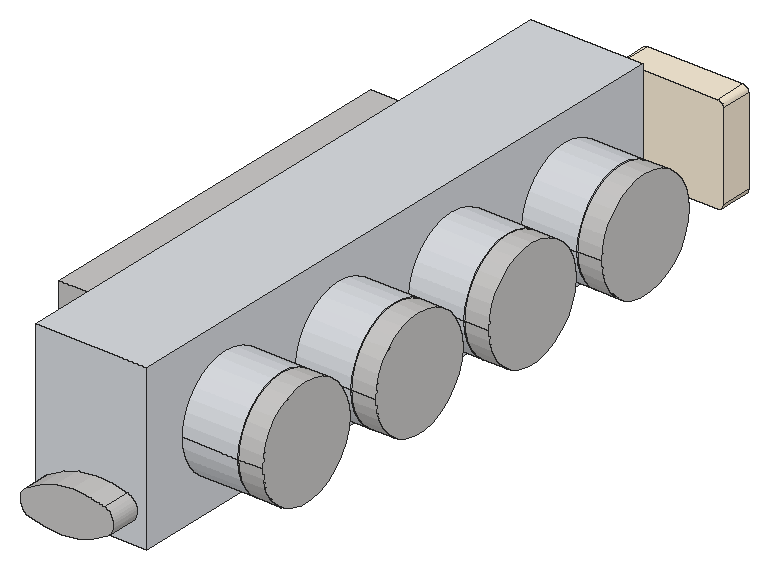
Revit family "HVAC_Ductwork_Airzone_Motorized-Plenum_Kaysun_Standard_4-Dampers", category Mechanical Equipment, Revit 2016
Family settings
  Part Type = Normal
  Round Connector Dimension = Use Diameter
  OmniClass Number = 23.75.70.14
  OmniClass Title = Air Ductwork
  Work Plane-Based = No
  Always vertical = Yes
  Cut with Voids When Loaded = No
  Shared = No
  Room Calculation Point = No
Parameters (values of type "KAYST01M4")
  Voltage = 230 V
  URL = "www.airzone.es"
  Type Image Comments = "Image available in product documentation download"  # constant formula
  Revit Model Version = "1.0"  # constant formula
  Revit Model Author URL = "www.a3d.es"
  Revit Model Author = "A3D Consulting"  # constant formula
  Product Documentation Download URL = "http://doc.airzone.es/BIM/Easyzone/Kaysun-Airzone_motorized_plenum.zip"
  Product Comments = "Refer to technical documentation for further details"  # constant formula
  Power Factor = 1
  Neck Width = 716.600 mm
  Neck Length = 95.000 mm
  Neck Height = 182.600 mm
  Material = Metal - AIRZONE - Galvanized Sheet - Semi-polished
  Main Control Board Material = Plastic - AIRZONE - Smooth - Off-white
  Load Classification = Other
  Insulated Body Width = 205.000 mm  # constant formula
  Insulated Body Material = Metal -AIRZONE - Insulating Lining -Aluminum Finish
  Insulated Body Length = 1140.000 mm  # constant formula
  Insulated Body Height = 300.000 mm  # constant formula
  Flow [instance] = Damper 4 Air Flow + Damper 3 Air Flow + Damper 2 Air Flow + Damper 1 Air Flow - Fresh Air Inlet 2 Flow - Fresh Air Inlet 1 Flow  # 1200 m³/h
  Fresh Air Inlet 1 Flow [instance] = 0 m³/h
  Fresh Air Inlet 2 Flow [instance] = 0 m³/h
  Fresh Air Inlet Connection Width = 175.000 mm
  Fresh Air Inlet Connection Height = 75.000 mm
  Model = "KAYST01M4"
  Neck Side Offset = 250.200 mm
  Neck Bottom Offset = 79.200 mm
  Type Image = <None>
  Manufacturer = "AIRZONE"  # constant formula
  Main Control Board Depth = 57.000 mm  # constant formula
  Main Control Board Width = 195.000 mm  # constant formula
  Main Control Board Height = 180.000 mm  # constant formula
  Fixing = ""
  Disclaimer = "All information provided in this model is reviewed before being published. However, Airzone cannot guarantee this model is error-free, therefore users are strongly encouraged to check for technical documentation and updates"  # constant formula
  Description = "Airzone standard motorized plenum with neck that mechanically adapts to the main ducted AC units of Kaysun."
  Type Comments = ""
  Dampers Length = 149.000 mm  # constant formula
  Dampers Diameter = 200.000 mm  # constant formula
  Damper 4 Air Flow [instance] = 300 m³/h
  Damper 1 Air Flow [instance] = 300 m³/h
  Damper 2 Air Flow [instance] = 300 m³/h
  Damper 3 Air Flow [instance] = 300 m³/h
  Fresh Air Inlet Connection Offset Height = 48.305 mm  # constant formula
  Compatible Accesories = ""
  Apparent Load = 57.5 VA
Reference planes
  plane 1 "Center (Front/Back)": y = 0
  plane 2 "Center (Elevation)": z = 0
  plane 3 "Center (Left/Right)": x = 0
  plane 4 "Neck Back": y = 358.3
  plane 5 "Neck Front": y = -358.3
  plane 6 "Neck Top": z = 91.3
  plane 7 "Neck Bottom": z = -91.3
  plane 8 "Left": x = 95
  plane 9 "Bottom": z = -170.5
  plane 10 "Top": z = 129.5
  plane 11 "Front": y = -531.5
  plane 12 "Back": y = 608.5
  plane 13 "Right": x = 300
  plane 14 "Dampers Front": x = 449
  plane 15 "Dampers Center (Elevation)": z = -20.5
  plane 16 "Damper3": y = -91.5
  plane 17 "Damper2": y = 168.5
  plane 18 "Damper1": y = 428.5
  plane 19 "Middle": y = 38.5
  plane 20 "FreshAir Center (Elevation)": z = -122.195
  plane 21 "FreshAir1": y = 661
  plane 22 "FreshAir2": y = -584
  plane 23 "Dampers Lining": x = 404
  plane 24 "FreshAir Vertical Axis": x = 195.83
  plane 25 "ConnectionBox Side": x = 254
  plane 26 "Main Control Board Center (Left/Right)": x = 351.5
  plane 27 "Damper4": y = -351.5
Forms (mm)
  Extrusion 1, solid, material "Metal - AIRZONE - Galvanized Sheet - Semi-polished" <- "Material"
    sketch origin (0, 0, 0) x (0, 1, 0) y (0, 0, 1)
      loop
        line (-358.3, 91.3) -> (-358.3, -91.3) -> (358.3, -91.3) -> (358.3, 91.3) -> (-358.3, 91.3)
    from 0 to 95
  Extrusion 2, solid, material "Metal -AIRZONE - Insulating Lining -Aluminum Finish" <- "Insulated Body Material"
    sketch origin (95, 0, 0) x (0, 1, 0) y (0, 0, 1)
      loop
        line (-531.5, 129.5) -> (-531.5, -170.5) -> (608.5, -170.5) -> (608.5, 129.5) -> (-531.5, 129.5)
    from 0 to 205
  Extrusion 3, solid, material "Metal - AIRZONE - Galvanized Sheet - Semi-polished" <- "Material"
    sketch origin (300, 0, 0) x (0, 1, 0) y (0, 0, 1)
      loop
        circle (-91.5, -20.5) r 100
    from 104 to 149
  Extrusion 4, solid, material "Metal - AIRZONE - Galvanized Sheet - Semi-polished" <- "Material"
    sketch origin (300, 0, 0) x (0, 1, 0) y (0, 0, 1)
      loop
        circle (168.5, -20.5) r 100
    from 104 to 149
  Extrusion 5, solid, material "Metal - AIRZONE - Galvanized Sheet - Semi-polished" <- "Material"
    sketch origin (300, 0, 0) x (0, 1, 0) y (0, 0, 1)
      loop
        circle (428.5, -20.5) r 100
    from 104 to 149
  Extrusion 6, solid, material "Metal - AIRZONE - Galvanized Sheet - Semi-polished" <- "Material"
    sketch origin (0, -531.5, 0) x (0, 0, 1) y (1, 0, 0)
      loop
        arc (-89.641, 265.204) -> (-111.108, 282.105) -> (-135.812, 270.434) r 25.96
        arc (-135.812, 270.434) -> (-161.802, 200.598) -> (-154.349, 126.456) r 164.67
        arc (-154.349, 126.456) -> (-133.165, 109.589) -> (-108.494, 120.751) r 25.96
        arc (-108.494, 120.751) -> (-82.225, 190.78) -> (-89.641, 265.204) r 164.67
    from 0 to -52.5
  Extrusion 7, solid, material "Metal - AIRZONE - Galvanized Sheet - Semi-polished" <- "Material"
    sketch origin (0, 608.5, 0) x (0, 0, 1) y (1, 0, 0)
      loop
        arc (-89.641, 265.204) -> (-110.825, 282.071) -> (-135.496, 270.909) r 25.96
        arc (-135.496, 270.909) -> (-161.679, 201.53) -> (-154.767, 127.699) r 164.67
        arc (-154.767, 127.699) -> (-133.532, 109.637) -> (-108.178, 121.226) r 25.96
        arc (-108.178, 121.226) -> (-82.188, 191.062) -> (-89.641, 265.204) r 164.67
    from 0 to 52.5
  Extrusion 8, solid, material "Metal -AIRZONE - Insulating Lining -Aluminum Finish" <- "Insulated Body Material"
    sketch origin (300, 0, 0) x (0, 1, 0) y (0, 0, 1)
      loop
        circle (428.5, -20.5) r 100
    from 0 to 104
  Extrusion 9, solid, material "Metal -AIRZONE - Insulating Lining -Aluminum Finish" <- "Insulated Body Material"
    sketch origin (300, -260, 0) x (0, 1, 0) y (0, 0, 1)
      loop
        circle (428.5, -20.5) r 100
    from 0 to 104
  Extrusion 10, solid, material "Metal -AIRZONE - Insulating Lining -Aluminum Finish" <- "Insulated Body Material"
    sketch origin (300, -520, 0) x (0, 1, 0) y (0, 0, 1)
      loop
        circle (428.5, -20.5) r 100
    from 0 to 104
  Extrusion 11, solid, material "Metal - AIRZONE - Galvanized Sheet - Semi-polished" <- "Material"
    sketch origin (300, -190, 0) x (0, 1, 0) y (0, 0, 1)
      loop
        circle (-161.5, -20.5) r 100
    from 104 to 149
  Extrusion 12, solid, material "Metal -AIRZONE - Insulating Lining -Aluminum Finish" <- "Insulated Body Material"
    sketch origin (300, -710, 0) x (0, 1, 0) y (0, 0, 1)
      loop
        circle (358.5, -20.5) r 100
    from 0 to 104
Lines and regions (mm)
  Masking region 1
    outline origin (0, 0, 0) x (1, 0, 0) y (0, 1, 0)
      loop
        line (95, 608.5) -> (95, -531.5) -> (300, -531.5) -> (300, 608.5) -> (95, 608.5)
  Masking region 2, detail levels medium+fine
    outline origin (0, 0, 0) x (1, 0, 0) y (0, 1, 0)
      loop
        line (0, 358.3) -> (0, -358.3) -> (95, -358.3) -> (95, 358.3) -> (0, 358.3)
  Masking region 3, detail levels medium+fine
    outline origin (0, 0, 0) x (1, 0, 0) y (0, 1, 0)
      loop
        line (300, 8.5) -> (300, -191.5) -> (449, -191.5) -> (449, 8.5) -> (300, 8.5)
  Masking region 4, detail levels medium+fine
    outline origin (0, 260, 0) x (1, 0, 0) y (0, 1, 0)
      loop
        line (300, 8.5) -> (300, -191.5) -> (449, -191.5) -> (449, 8.5) -> (300, 8.5)
  Masking region 5, detail levels medium+fine
    outline origin (0, 520, 0) x (1, 0, 0) y (0, 1, 0)
      loop
        line (300, 8.5) -> (300, -191.5) -> (449, -191.5) -> (449, 8.5) -> (300, 8.5)
  Masking region 6, detail levels medium+fine
    outline origin (0, 0, -122.195) x (1, 0, 0) y (0, 1, 0)
      loop
        line (108.33, 661) -> (108.33, 608.5) -> (283.33, 608.5) -> (283.33, 661) -> (108.33, 661)
  Masking region 7, detail levels medium+fine
    outline origin (0, 0, -122.195) x (1, 0, 0) y (0, 1, 0)
      loop
        line (108.33, -531.5) -> (108.33, -584) -> (283.33, -584) -> (283.33, -531.5) -> (108.33, -531.5)
  Masking region 8, detail levels medium+fine
    outline origin (0, 0, 129.5) x (0, -1, 0) y (1, 0, 0)
      loop
        line (-665.5, 254) -> (-608.5, 254) -> (-608.5, 449) -> (-665.5, 449) -> (-665.5, 254)
  Masking region 9, detail levels medium+fine
    outline origin (0, -190, 0) x (1, 0, 0) y (0, 1, 0)
      loop
        line (300, -61.5) -> (300, -261.5) -> (449, -261.5) -> (449, -61.5) -> (300, -61.5)
  symbolic lines, detail levels coarse
    curve 1: line (95, -531.5, 0) -> (300, 38.5, 0)
    curve 2: line (300, 38.5, 0) -> (95, 608.5, 0)
Dimensions and locks
  equal spacing: plane 4 "Neck Back", plane 1 "Center (Front/Back)", plane 5 "Neck Front"
  "Neck Width": plane 4 "Neck Back" to plane 5 "Neck Front"
  equal spacing: plane 6 "Neck Top", level, plane 7 "Neck Bottom"
  "Neck Height": plane 6 "Neck Top" to plane 7 "Neck Bottom"
  "Neck Length": plane 3 "Center (Left/Right)" to plane 8 "Left"
  "Neck Bottom Offset": plane 7 "Neck Bottom" to plane 9 "Bottom"
  "Insulated Body Height": plane 10 "Top" to plane 9 "Bottom"
  "Insulated Body Length": plane 12 "Back" to plane 11 "Front"
  "Insulated Body Width": plane 8 "Left" to plane 13 "Right"
  "Dampers Length": plane 13 "Right" to plane 14 "Dampers Front"
  equal spacing: plane 10 "Top", plane 15 "Dampers Center (Elevation)", plane 9 "Bottom"
  equal spacing: plane 12 "Back", plane 19 "Middle", plane 11 "Front"
  plane 8 "Left" to plane 13 "Right" = 205.000 mm
  "Fresh Air Inlet Connection Offset Height": plane 20 "FreshAir Center (Elevation)" to plane 9 "Bottom"
  locked: Extrusion 6 sketch curve to plane 9 "Bottom" at 56.47
  locked: plane 13 "Right" to Extrusion 6 sketch curve at 43.69
  locked: plane 13 "Right" to Extrusion 6 sketch curve at 164.65
  locked: Extrusion 6 sketch curve to plane 9 "Bottom" at 40.54
  locked: plane 13 "Right" to Extrusion 6 sketch curve at 87.91
  locked: plane 9 "Bottom" to Extrusion 6 sketch curve at 75.01
  locked: plane 13 "Right" to Extrusion 6 sketch curve at 120.43
  locked: Extrusion 6 sketch curve to plane 9 "Bottom" at 172.02
  locked: plane 13 "Right" to Extrusion 7 sketch curve at 43.69
  locked: Extrusion 7 sketch curve to plane 9 "Bottom" at 56.47
  locked: Extrusion 7 sketch curve to plane 9 "Bottom" at 40.54
  locked: plane 13 "Right" to Extrusion 7 sketch curve at 164.65
  locked: plane 13 "Right" to Extrusion 7 sketch curve at 120.43
  locked: Extrusion 7 sketch curve to plane 9 "Bottom" at 172.02
  locked: plane 9 "Bottom" to Extrusion 7 sketch curve at 75.01
  locked: plane 13 "Right" to Extrusion 7 sketch curve at 87.91
  "Neck Side Offset": plane 12 "Back" to plane 4 "Neck Back"
  locked: plane 21 "FreshAir1" to plane 12 "Back" at 52.5
  plane 11 "Front" to plane 22 "FreshAir2" = 52.500 mm
  locked: connector elem to plane 13 "Right" at 104.17
  locked: plane 20 "FreshAir Center (Elevation)" to connector elem
  locked: plane 13 "Right" to connector elem at 104.17
  locked: connector elem to plane 20 "FreshAir Center (Elevation)"
  locked: plane 23 "Dampers Lining" to plane 14 "Dampers Front" at 45
  locked: plane 24 "FreshAir Vertical Axis" to plane 13 "Right" at 104.17
  equal spacing: Masking region 3 sketch curve, plane 16 "Damper3", Masking region 3 sketch curve
  "Dampers Diameter": Masking region 3 sketch curve to Masking region 3 sketch curve
  "Dampers Diameter": Masking region 4 sketch curve to Masking region 4 sketch curve
  equal spacing: Masking region 5 sketch curve, plane 18 "Damper1", Masking region 5 sketch curve
  "Dampers Diameter": Masking region 5 sketch curve to Masking region 5 sketch curve
  equal spacing: Masking region 6 sketch curve, plane 24 "FreshAir Vertical Axis", Masking region 6 sketch curve
  "Fresh Air Inlet Connection Width": Masking region 6 sketch curve to Masking region 6 sketch curve
  equal spacing: Masking region 7 sketch curve, plane 24 "FreshAir Vertical Axis", Masking region 7 sketch curve
  "Fresh Air Inlet Connection Width": Masking region 7 sketch curve to Masking region 7 sketch curve
  "Main Control Board Depth": Masking region 8 sketch curve to plane 12 "Back"
  "Main Control Board Width": plane 25 "ConnectionBox Side" to plane 14 "Dampers Front"
  equal spacing: plane 25 "ConnectionBox Side", plane 26 "Main Control Board Center (Left/Right)", plane 14 "Dampers Front"
  locked: nested 1 to plane 10 "Top" at 10
  equal spacing: Masking region 4 sketch curve, plane 17 "Damper2", Masking region 4 sketch curve
  equal spacing: Masking region 9 sketch curve, plane 27 "Damper4", Masking region 9 sketch curve
  "Dampers Diameter": Masking region 9 sketch curve to Masking region 9 sketch curve
  plane 18 "Damper1" to plane 17 "Damper2" to plane 16 "Damper3" to plane 27 "Damper4" = 260.000 mm locked, 260.000 mm locked, 260.000 mm locked
  locked: plane 17 "Damper2" to plane 19 "Middle" at 130
  "Dampers Diameter": diameter of Extrusion 3 sketch curve
  "Dampers Diameter": diameter of Extrusion 4 sketch curve
  "Dampers Diameter": diameter of Extrusion 5 sketch curve
  radius of Extrusion 7 sketch curve = 164.670 mm  (x2)
  radius of Extrusion 7 sketch curve = 25.960 mm  (x2)
  radius of Extrusion 6 sketch curve = 164.670 mm  (x2)
  radius of Extrusion 6 sketch curve = 25.960 mm  (x2)
  "Dampers Diameter": diameter of Extrusion 8 sketch curve
  "Dampers Diameter": diameter of Extrusion 9 sketch curve
  "Dampers Diameter": diameter of Extrusion 10 sketch curve
  "Dampers Diameter": diameter of Extrusion 11 sketch curve
  "Dampers Diameter": diameter of Extrusion 12 sketch curve
  aligned and locked: level to plane 2 "Center (Elevation)"
  aligned and locked: plane 5 "Neck Front" to Extrusion 1 sketch curve
  aligned and locked: Extrusion 1 sketch curve to plane 6 "Neck Top"
  aligned and locked: Extrusion 1 sketch curve to plane 4 "Neck Back"
  aligned and locked: plane 7 "Neck Bottom" to Extrusion 1 sketch curve
  aligned and locked: Extrusion 1 to plane 3 "Center (Left/Right)"
  aligned and locked: Extrusion 2 sketch curve to plane 10 "Top"
  aligned and locked: Extrusion 2 sketch curve to plane 12 "Back"
  aligned and locked: plane 9 "Bottom" to Extrusion 2 sketch curve
  aligned and locked: plane 11 "Front" to Extrusion 2 sketch curve
  aligned and locked: plane 13 "Right" to Extrusion 2
  aligned and locked: Extrusion 2 to plane 8 "Left"
  aligned and locked: plane 16 "Damper3" to Extrusion 3 sketch curve
  aligned and locked: plane 15 "Dampers Center (Elevation)" to Extrusion 3 sketch curve
  aligned and locked: plane 15 "Dampers Center (Elevation)" to Extrusion 4 sketch curve
  aligned and locked: plane 18 "Damper1" to Extrusion 5 sketch curve
  aligned and locked: plane 15 "Dampers Center (Elevation)" to Extrusion 5 sketch curve
  aligned and locked: plane 14 "Dampers Front" to Extrusion 5
  aligned and locked: plane 14 "Dampers Front" to Extrusion 4
  aligned and locked: plane 14 "Dampers Front" to Extrusion 3
  aligned and locked: plane 8 "Left" to Extrusion 1
  aligned and locked: plane 22 "FreshAir2" to Extrusion 6
  aligned and locked: plane 21 "FreshAir1" to Extrusion 7
  aligned and locked: Extrusion 7 to plane 12 "Back"
  aligned and locked: plane 11 "Front" to Extrusion 6
  aligned and locked: Extrusion 5 to plane 23 "Dampers Lining"
  aligned and locked: Extrusion 5 to Extrusion 4
  aligned and locked: Extrusion 4 to Extrusion 3
  aligned and locked: plane 23 "Dampers Lining" to Extrusion 8
  aligned and locked: Extrusion 10 to plane 13 "Right"
  aligned and locked: plane 23 "Dampers Lining" to Extrusion 10
  aligned and locked: Extrusion 9 to plane 13 "Right"
  aligned and locked: plane 23 "Dampers Lining" to Extrusion 9
  aligned and locked: Extrusion 8 to plane 13 "Right"
  aligned and locked: Extrusion 9 to Extrusion 8
  aligned and locked: plane 18 "Damper1" to Extrusion 8 sketch curve
  aligned and locked: plane 15 "Dampers Center (Elevation)" to Extrusion 8 sketch curve
  aligned and locked: plane 15 "Dampers Center (Elevation)" to Extrusion 9 sketch curve
  aligned and locked: plane 16 "Damper3" to Extrusion 10 sketch curve
  aligned and locked: plane 15 "Dampers Center (Elevation)" to Extrusion 10 sketch curve
  aligned and locked: Masking region 1 sketch curve to plane 12 "Back"
  aligned and locked: plane 8 "Left" to Masking region 1 sketch curve
  aligned and locked: Masking region 1 sketch curve to plane 13 "Right"
  aligned and locked: plane 11 "Front" to Masking region 1 sketch curve
  aligned and locked: plane 5 "Neck Front" to Masking region 2 sketch curve
  aligned and locked: plane 3 "Center (Left/Right)" to Masking region 2 sketch curve
  aligned and locked: Masking region 2 sketch curve to plane 4 "Neck Back"
  aligned and locked: Masking region 2 sketch curve to plane 8 "Left"
  aligned and locked: plane 13 "Right" to Masking region 3 sketch curve
  aligned and locked: Masking region 3 sketch curve to plane 14 "Dampers Front"
  aligned and locked: plane 13 "Right" to Masking region 4 sketch curve
  aligned and locked: Masking region 4 sketch curve to plane 14 "Dampers Front"
  aligned and locked: plane 13 "Right" to Masking region 5 sketch curve
  aligned and locked: Masking region 5 sketch curve to plane 14 "Dampers Front"
  aligned and locked: plane 12 "Back" to Masking region 6 sketch curve
  aligned and locked: Masking region 6 sketch curve to plane 21 "FreshAir1"
  aligned and locked: Masking region 7 sketch curve to plane 11 "Front"
  aligned and locked: Masking region 7 sketch curve to plane 22 "FreshAir2"
  aligned and locked: plane 12 "Back" to Masking region 8 sketch curve
  aligned and locked: Masking region 8 sketch curve to plane 14 "Dampers Front"
  aligned and locked: plane 25 "ConnectionBox Side" to Masking region 8 sketch curve
  aligned and locked: plane 17 "Damper2" to Extrusion 9 sketch curve
  aligned and locked: plane 17 "Damper2" to Extrusion 4 sketch curve
  aligned and locked: Masking region 9 sketch curve to plane 14 "Dampers Front"
  aligned and locked: plane 13 "Right" to Masking region 9 sketch curve
  aligned and locked: Extrusion 12 to plane 13 "Right"
  aligned and locked: plane 23 "Dampers Lining" to Extrusion 12
  aligned and locked: Extrusion 11 to plane 23 "Dampers Lining"
  aligned and locked: plane 14 "Dampers Front" to Extrusion 11
  aligned and locked: plane 15 "Dampers Center (Elevation)" to Extrusion 12 sketch curve
  aligned and locked: plane 27 "Damper4" to Extrusion 12 sketch curve
  aligned and locked: plane 15 "Dampers Center (Elevation)" to Extrusion 11 sketch curve
  aligned and locked: plane 27 "Damper4" to Extrusion 11 sketch curve
  aligned and locked: nested 1 to plane 26 "Main Control Board Center (Left/Right)"
Automatic sketch dimensions
  curve 2 to plane 8 "Left" = 0.000 mm
  curve 1 to plane 8 "Left" = 0.000 mm
  curve 2 to plane 13 "Right" = 0.000 mm
  curve 1 to plane 11 "Front" = 0.000 mm
  curve 2 to plane 19 "Middle" = 0.000 mm
  curve 2 to plane 12 "Back" = 0.000 mm
Nested families
  nested 1: "Airzone_Main-Control-Board" at (351.5, 608.5, 29.5) x (-1, 0, 0) z (0, 1, 0), Extrusion <- "Main Control Board Depth", Height <- "Main Control Board Height", Width <- "Main Control Board Width", Material <- "Main Control Board Material", type "Standard"
    with Width 195.000 mm, Material Plastic - AIRZONE - Smooth - Off-white, Height 180.000 mm, Extrusion 57.000 mm
Connectors
  hvac at (449, -91.5, -20.5), driven by "Damper 3 Air Flow", driven by "Dampers Diameter"
    settings: on Extrusion 3, index 1, duct flow 300 m³/h, flow factor 0, pres drop 0.0 Pa, loss coef 0, conn angle 0.00°, conn width 304.8 mm, conn height 304.8 mm, conn diameter 200 mm, duct sys type 1, conn prof type 0, flow config 0, flow direction 2, loss method 0, conn ref index -1, conn util no, is conn primary no, conn desc "Supply Air Out 3"
  hvac at (449, 168.5, -20.5), driven by "Damper 2 Air Flow", driven by "Dampers Diameter"
    settings: on Extrusion 4, index 2, duct flow 300 m³/h, flow factor 0, pres drop 0.0 Pa, loss coef 0, conn angle 0.00°, conn width 304.8 mm, conn height 304.8 mm, conn diameter 200 mm, duct sys type 1, conn prof type 0, flow config 0, flow direction 2, loss method 0, conn ref index -1, conn util no, is conn primary no, conn desc "Supply Air Out 2"
  hvac at (449, 428.5, -20.5), driven by "Damper 1 Air Flow", driven by "Dampers Diameter"
    settings: on Extrusion 5, index 3, duct flow 300 m³/h, flow factor 0, pres drop 0.0 Pa, loss coef 0, conn angle 0.00°, conn width 304.8 mm, conn height 304.8 mm, conn diameter 200 mm, duct sys type 1, conn prof type 0, flow config 0, flow direction 2, loss method 0, conn ref index -1, conn util no, is conn primary no, conn desc "Supply Air Out 1"
  hvac at (0, 0, 0), driven by "Flow", driven by "Neck Height", driven by "Neck Width"
    settings: on Extrusion 1, index 6, duct flow 1200 m³/h, flow factor 0, pres drop 0.0 Pa, loss coef 0, conn angle 0.00°, conn width 716.6 mm, conn height 182.6 mm, conn diameter 609.6 mm, duct sys type 1, conn prof type 1, flow config 1, flow direction 1, loss method 0, conn ref index -1, conn util no, is conn primary yes, conn desc "Supply Air In"
  hvac at (195.83, -584, -122.195), driven by "Fresh Air Inlet 2 Flow", driven by "Fresh Air Inlet Connection Width", driven by "Fresh Air Inlet Connection Height"
    settings: index 7, duct flow 0 m³/h, flow factor 0, pres drop 0.0 Pa, loss coef 0, conn angle 0.00°, conn width 175 mm, conn height 75 mm, conn diameter 609.6 mm, duct sys type 1, conn prof type 2, flow config 1, flow direction 1, loss method 0, conn ref index -1, conn util no, is conn primary no, conn desc "Fresh Air In 2"
  hvac at (195.83, 661, -122.195), driven by "Fresh Air Inlet 1 Flow", driven by "Fresh Air Inlet Connection Height", driven by "Fresh Air Inlet Connection Width"
    settings: index 8, duct flow 0 m³/h, flow factor 0, pres drop 0.0 Pa, loss coef 0, conn angle 0.00°, conn width 175 mm, conn height 75 mm, conn diameter 609.6 mm, duct sys type 1, conn prof type 2, flow config 1, flow direction 1, loss method 0, conn ref index -1, conn util no, is conn primary no, conn desc "Fresh Air In 1"
  hvac at (449, -351.5, -20.5), driven by "Damper 4 Air Flow", driven by "Dampers Diameter"
    settings: on Extrusion 11, index 9, duct flow 300 m³/h, flow factor 0, pres drop 0.0 Pa, loss coef 0, conn angle 0.00°, conn width 304.8 mm, conn height 304.8 mm, conn diameter 200 mm, duct sys type 1, conn prof type 0, flow config 0, flow direction 2, loss method 0, conn ref index -1, conn util no, is conn primary no, conn desc "Supply Air Out 4"
  electrical at (351.5, 665.5, 29.5), driven by "Load Classification", driven by "Voltage", driven by "Apparent Load", driven by "Power Factor"
    settings: on nested 1, index 10, voltage 230 V, apparent load 57.5 VA, apparent load phase1 0 VA, apparent load phase2 0 VA, apparent load phase3 0 VA, power factor 1, load classification "Other", number of poles 1, system type 30, power factor state 1, is connector primary yes, connector utility no, sub classification motor no, connector description "Power Supply"
Definition of nested family "Airzone_Main-Control-Board"
  Parameters (values of type "Standard")
    Width [instance] = 195.000 mm
    URL = "www.airzone.es"
    Revit Model Version = "1.0"  # constant formula
    Revit Model Author URL = "www.a3d.es"
    Revit Model Author = "A3D Consulting"  # constant formula
    Material [instance] = none
    Manufacturer = "AIRZONE"  # constant formula
    Height [instance] = 180.000 mm
    Extrusion [instance] = 57.000 mm
    Default Elevation = 0.000 mm
  Reference planes
    plane 1 "Center (Front/Back)": y = 0
    plane 2: z = 0
    plane 3 "Center (Left/Right)": x = 0
    plane 4: y = 90
    plane 5: y = -90
    plane 6: x = 97.5
    plane 7: x = -97.5
  Forms (mm)
    Extrusion 1, solid, material <- "Material"
      sketch origin (0, 0, 0) x (1, 0, 0) y (0, 1, 0)
        loop
          arc (-87.5, 90) -> (-94.571, 87.071) -> (-97.5, 80) r 10
          line (-97.5, 80) -> (-97.5, -80)
          arc (-97.5, -80) -> (-94.571, -87.071) -> (-87.5, -90) r 10
          line (-87.5, -90) -> (87.5, -90)
          arc (87.5, -90) -> (94.571, -87.071) -> (97.5, -80) r 10
          line (97.5, -80) -> (97.5, 80)
          arc (97.5, 80) -> (94.571, 87.071) -> (87.5, 90) r 10
          line (87.5, 90) -> (-87.5, 90)
      from 0 to 57 <- "Extrusion"
  Dimensions and locks
    equal spacing: plane 7, plane 3 "Center (Left/Right)", plane 6
    equal spacing: plane 4, plane 1 "Center (Front/Back)", plane 5
    "Width": plane 7 to plane 6
    "Height": plane 4 to plane 5
    radius of Extrusion 1 sketch curve = 10.000 mm  (x4)
    aligned and locked: level to plane 2
    aligned and locked: plane 5 to Extrusion 1 sketch curve
    aligned and locked: Extrusion 1 sketch curve to plane 6
    aligned and locked: Extrusion 1 sketch curve to plane 4
    aligned and locked: plane 7 to Extrusion 1 sketch curve
